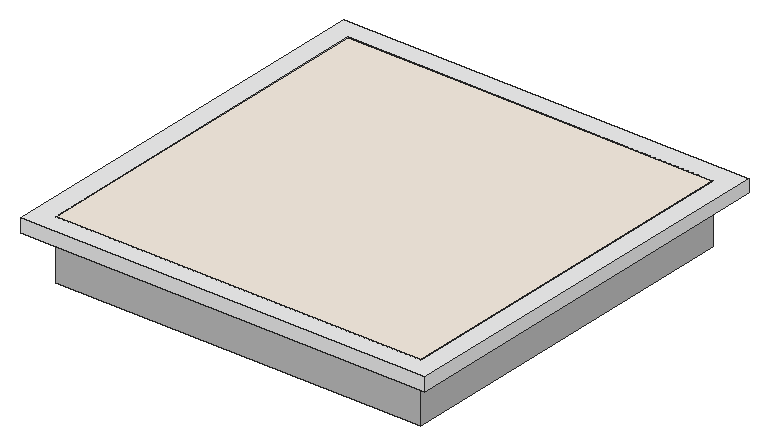
Revit family "Lighting-CommercialSector-GEWISS-ELIA-PL-LED_FLUSH_MOUNTING", category Apparecchi per illuminazione, host Superficie, Revit 2019
Family settings
  Host = Superficie
  Quota connettore circolare = Usa diametro
  Tipo di parte = Normale
  Taglio con vuoti quando caricato = No
  Sorgente d'illuminazione = Sì
  Condiviso = No
  Punto di calcolo locali = Sì
Parameters (values of type "GWF1611NN940 - ELIA PL M3 MICROP.40K DALI CRI90")
  corpo centrale = corpo centrale
  Working temperature = "-20° +45°"
  Weight (kg): = "2,6"
  Weight (kg) = "2,6"
  Wattage = 9.2903 W
  Warranty = "5 years"
  Voltage = "220-240 V "
  Visibilità etichetta [instance] = yes
  Visibilità simbolo [instance] = yes
  Visibilità lampada in pianta [instance] = yes
  Version file RFA = "20.0"
  Variazione temperatura colore lampada con luminosità attenuata = <Nessuno>
  URL = "https://www.gewiss.com/ww/en"
  UGR: = "UGR<19"
  Typology = "Modular flush mounting"
  Type of light source = "LED - Not replaceable"
  Type of lamp = "LED"
  built-in parameter 1150107 = 3200 (stored number, unit not read)
  Technical sheet = "https://www.gewiss.com/ww/en/search?q=GWF1611NN940"
  System power = "33W"
  Spostamento_x_effettivo [instance] = 4000 mm - Spostamento_x  # 4000 mm
  Spostamento_x [instance] = 0 mm
  Spostamento_y_effettivo [instance] = 4000 mm - Spostamento_y  # 3300 mm
  Spostamento_y [instance] = 700 mm
  Shock resistance = "IK03"
  SEO = "LED modular flush mounting"
  SCHERMO LED = SCHERMO LED
  Realized by GEWISS S.p.A. = ""
  built-in parameter 1150110 = 1 (stored number, unit not read)
  built-in parameter 1150109 = 1 (stored number, unit not read)
  built-in parameter 1114218 = 1 (stored number, unit not read)
  built-in parameter 1150112 = 1 (stored number, unit not read)
  POSIZIONE = 80000  # constant formula
  Optic = "Microprismatic"
  Operating temperature: = "-20° +45°"
  built-in parameter 1150137 = (empty or 0)
  built-in parameter 1150132 = (empty or 0)
  Luminous flux in emerg. [lm] = ""
  Lumen output (lm) = "3300"
  Larghezza lampada = 620 mm
  Lunghezza lampada = 620 mm
  Lamp = "LED"
  LED Life time (L80B50) = "L80 B50 (Tq25°) = 50.000h"
  built-in parameter 1150105 = 109.82 (stored number, unit not read)
  built-in parameter 1150102 = (empty or 0)
  Insulation class = "II"
  Installation = "Modular flush mounting"
  built-in parameter 1150106 = 1.0982 (stored number, unit not read)
  Default Elevation = 1219.2 mm
  Produttore = "GEWISS S.p.A."
  Nome quadro [instance] = "330W"
  Modello = "GWF1611NN940"
  L_lampada = 1500 mm
  Immagine tipo = ELIA_PL_q.jpg
  IP degree = "IP20 - IP40"
  IDT = "4c6a4f10-3f0b-4303-adcc-d543444cbb8d"
  IDF = "6f387c7b-be92-4833-a933-611e67cbe188"
  Lumens = 1380 lm
  Color Filter = 16777215
  File diagramma fotometrico = "GWF1611NN940.IES"
  built-in parameter 1114217 = 1 (stored number, unit not read)
  built-in parameter 1150139 = (empty or 0)
  FORO_CONTROSOFFITTO = 80 mm  # constant formula
  Emit from Line Length = 609.6 mm
  Electrocod = ""
  Efficiency class of integrated LEDs = ""
  built-in parameter 1150104 = 13.8 (stored number, unit not read)
  EAN code = ""
  Driver type = ""
  Distanza dal host [instance] = 0 mm
  built-in parameter 1150115 = 1 (stored number, unit not read)
  built-in parameter 1150114 = 1 (stored number, unit not read)
  built-in parameter 1150113 = 1 (stored number, unit not read)
  Dimensions (mm) = "62x62"
  Descrizione = "ELIA PL M3 MICROP.40K DALI CRI90"
  Colour temperature: = "4000K"
  Colour temperature = "4000K"
  Colour = "White"
  built-in parameter 1150134 = 3
  built-in parameter 1150138 = (empty or 0)
  Catalogue Range = "ELIA PL"
  Catalogue = "LIGHTING"
  COBie.Tagnumber = ""
  COBie.CreatedOn = ""
  COBie.CreatebBy = ""
  COBie.ComponentRegisterItemID = ""
  COBie.Component.TagNumber = ""
  COBie.Component.Space = ""
  COBie.Component.SerialNumber = ""
  COBie.Component.InstallationDate = ""
  COBie.Component.Description = ""
  COBie.Component.BarCode = ""
  BORDO = BORDO
  Application = "Indoor"
  Tilt Angle = -90.00°
  built-in parameter 1150133 = 10 (stored number, unit not read)
Types (48, lengths in mm): name | Weight (kg): | Weight (kg) | UGR: | Technical sheet | Optic | Lumen output (lm) | Larghezza lampada | Lunghezza lampada | Modello | Immagine tipo | IDT | File diagramma fotometrico | Dimensions (mm) | Descrizione | Colour temperature: | Colour temperature
  GWF1611LN830 - ELIA PL M1 MICROP.30K DALI CRI80 | "2,4" | "2,4" | "UGR<19" | "https://www.gewiss.com/ww/en/search?q=GWF1611LN830" | "Microprismatic" | "3300" | 300 | 1200 | "GWF1611LN830" | ELIA_PL_r.jpg | "72f4d622-981e-4ae0-88c5-de9fbfefd2f9" | "GWF1611LN830.IES" | "30x120" | "ELIA PL M1 MICROP.30K DALI CRI80" | "3000K" | "3000K"
  GWF1611LN930 - ELIA PL M1 MICROP.30K DALI CRI90 | "2,4" | "2,4" | "UGR<19" | "https://www.gewiss.com/ww/en/search?q=GWF1611LN930" | "Microprismatic" | "3000" | 300 | 1200 | "GWF1611LN930" | ELIA_PL_r.jpg | "b54e74e5-4979-4faa-a3b6-9c298bf6cffa" | "GWF1611LN930.IES" | "30x120" | "ELIA PL M1 MICROP.30K DALI CRI90" | "3000K" | "3000K"
  GWF1610LN830 - ELIA PL M1 MICROP.30K ON/OFF CRI80 | "2,4" | "2,4" | "UGR<19" | "https://www.gewiss.com/ww/en/search?q=GWF1610LN830" | "Microprismatic" | "3300" | 300 | 1200 | "GWF1610LN830" | ELIA_PL_r.jpg | "239ca7b0-603f-4688-94ad-8681d91ede28" | "GWF1610LN830.IES" | "30x120" | "ELIA PL M1 MICROP.30K ON/OFF CRI80" | "3000K" | "3000K"
  GWF1610LN930 - ELIA PL M1 MICROP.30K ON/OFF CRI90 | "2,4" | "2,4" | "UGR<19" | "https://www.gewiss.com/ww/en/search?q=GWF1610LN930" | "Microprismatic" | "3000" | 300 | 1200 | "GWF1610LN930" | ELIA_PL_r.jpg | "1c95a2c5-173e-4975-ad23-1c8ec5243fb5" | "GWF1610LN930.IES" | "30x120" | "ELIA PL M1 MICROP.30K ON/OFF CRI90" | "3000K" | "3000K"
  GWF1611LN840 - ELIA PL M1 MICROP.40K DALI CRI80 | "2,4" | "2,4" | "UGR<19" | "https://www.gewiss.com/ww/en/search?q=GWF1611LN840" | "Microprismatic" | "3600" | 300 | 1200 | "GWF1611LN840" | ELIA_PL_r.jpg | "414879d6-0dc6-45a6-b4b9-da79a268bacd" | "GWF1611LN840.IES" | "30x120" | "ELIA PL M1 MICROP.40K DALI CRI80" | "4000K" | "4000K"
  GWF1611LN940 - ELIA PL M1 MICROP.40K DALI CRI90 | "2,4" | "2,4" | "UGR<19" | "https://www.gewiss.com/ww/en/search?q=GWF1611LN940" | "Microprismatic" | "3300" | 300 | 1200 | "GWF1611LN940" | ELIA_PL_r.jpg | "2e0798d3-7b3f-41c2-95eb-bf9ff87590b3" | "GWF1611LN940.IES" | "30x120" | "ELIA PL M1 MICROP.40K DALI CRI90" | "4000K" | "4000K"
  GWF1610LN840 - ELIA PL M1 MICROP.40K ON/OFF CRI80 | "2,4" | "2,4" | "UGR<19" | "https://www.gewiss.com/ww/en/search?q=GWF1610LN840" | "Microprismatic" | "3600" | 300 | 1200 | "GWF1610LN840" | ELIA_PL_r.jpg | "1e2c872c-402b-4521-a7c6-7245e5216dca" | "GWF1610LN840.IES" | "30x120" | "ELIA PL M1 MICROP.40K ON/OFF CRI80" | "4000K" | "4000K"
  GWF1610LN940 - ELIA PL M1 MICROP.40K ON/OFF CRI90 | "2,4" | "2,4" | "UGR<19" | "https://www.gewiss.com/ww/en/search?q=GWF1610LN940" | "Microprismatic" | "3300" | 300 | 1200 | "GWF1610LN940" | ELIA_PL_r.jpg | "baf633ec-d199-4836-acb8-01535f644f62" | "GWF1610LN940.IES" | "30x120" | "ELIA PL M1 MICROP.40K ON/OFF CRI90" | "4000K" | "4000K"
  GWF1611LA830 - ELIA PL M1 OPAL 30K DALI CRI80 | "2,4" | "2,4" | "UGR<22" | "https://www.gewiss.com/ww/en/search?q=GWF1611LA830" | "Diffusing opal" | "3700" | 300 | 1200 | "GWF1611LA830" | ELIA_PL_r.jpg | "4ad70d55-0be2-4fd8-b7ca-ca9dae02b802" | "GWF1611LA830.IES" | "30x120" | "ELIA PL M1 OPAL 30K DALI CRI80" | "3000K" | "3000K"
  GWF1611LA930 - ELIA PL M1 OPAL 30K DALI CRI90 | "2,4" | "2,4" | "UGR<22" | "https://www.gewiss.com/ww/en/search?q=GWF1611LA930" | "Diffusing opal" | "3500" | 300 | 1200 | "GWF1611LA930" | ELIA_PL_r.jpg | "e51a4e74-16fc-4510-8e63-cb1554f2a9e1" | "GWF1611LA930.IES" | "30x120" | "ELIA PL M1 OPAL 30K DALI CRI90" | "3000K" | "3000K"
  GWF1610LA830 - ELIA PL M1 OPAL 30K ON/OFF CRI80 | "2,4" | "2,4" | "UGR<22" | "https://www.gewiss.com/ww/en/search?q=GWF1610LA830" | "Diffusing opal" | "3700" | 300 | 1200 | "GWF1610LA830" | ELIA_PL_r.jpg | "93844e9d-7361-48ab-9020-5a4103f2c4d9" | "GWF1610LA830.IES" | "30x120" | "ELIA PL M1 OPAL 30K ON/OFF CRI80" | "3000K" | "3000K"
  GWF1610LA930 - ELIA PL M1 OPAL 30K ON/OFF CRI90 | "2,4" | "2,4" | "UGR<22" | "https://www.gewiss.com/ww/en/search?q=GWF1610LA930" | "Diffusing opal" | "3500" | 300 | 1200 | "GWF1610LA930" | ELIA_PL_r.jpg | "d9c1a0fb-2941-493d-b902-7216f29dd99e" | "GWF1610LA930.IES" | "30x120" | "ELIA PL M1 OPAL 30K ON/OFF CRI90" | "3000K" | "3000K"
  GWF1611LA840 - ELIA PL M1 OPAL 40K DALI CRI80 | "2,4" | "2,4" | "UGR<22" | "https://www.gewiss.com/ww/en/search?q=GWF1611LA840" | "Diffusing opal" | "3900" | 300 | 1200 | "GWF1611LA840" | ELIA_PL_r.jpg | "b505003b-30bf-4abe-bc16-d34724f793d9" | "GWF1611LA840.IES" | "30x120" | "ELIA PL M1 OPAL 40K DALI CRI80" | "4000K" | "4000K"
  GWF1611LA940 - ELIA PL M1 OPAL 40K DALI CRI90 | "2,4" | "2,4" | "UGR<22" | "https://www.gewiss.com/ww/en/search?q=GWF1611LA940" | "Diffusing opal" | "3700" | 300 | 1200 | "GWF1611LA940" | ELIA_PL_r.jpg | "bd5ba0be-baad-4d03-a326-da1e8e31ecf8" | "GWF1611LA940.IES" | "30x120" | "ELIA PL M1 OPAL 40K DALI CRI90" | "4000K" | "4000K"
  GWF1610LA840 - ELIA PL M1 OPAL 40K ON/OFF CRI80 | "2,4" | "2,4" | "UGR<22" | "https://www.gewiss.com/ww/en/search?q=GWF1610LA840" | "Diffusing opal" | "3900" | 300 | 1200 | "GWF1610LA840" | ELIA_PL_r.jpg | "1862d7c5-ebea-42a6-9366-bfffa14f0432" | "GWF1610LA840.IES" | "30x120" | "ELIA PL M1 OPAL 40K ON/OFF CRI80" | "4000K" | "4000K"
  GWF1610LA940 - ELIA PL M1 OPAL 40K ON/OFF CRI90 | "2,4" | "2,4" | "UGR<22" | "https://www.gewiss.com/ww/en/search?q=GWF1610LA940" | "Diffusing opal" | "3700" | 300 | 1200 | "GWF1610LA940" | ELIA_PL_r.jpg | "5bad5249-5187-4a35-ac2a-e2be86f79325" | "GWF1610LA940.IES" | "30x120" | "ELIA PL M1 OPAL 40K ON/OFF CRI90" | "4000K" | "4000K"
  GWF1611MN830 - ELIA PL M2 MICROP.30K DALI CRI80 | "2,4" | "2,4" | "UGR<19" | "https://www.gewiss.com/ww/en/search?q=GWF1611MN830" | "Microprismatic" | "3300" | 595 | 595 | "GWF1611MN830" | ELIA_PL_q.jpg | "29422a00-ea95-4e48-9cbf-6c19c1753368" | "GWF1611MN830.IES" | "60x60" | "ELIA PL M2 MICROP.30K DALI CRI80" | "3000K" | "3000K"
  GWF1611MN930 - ELIA PL M2 MICROP.30K DALI CRI90 | "2,4" | "2,4" | "UGR<19" | "https://www.gewiss.com/ww/en/search?q=GWF1611MN930" | "Microprismatic" | "3000" | 595 | 595 | "GWF1611MN930" | ELIA_PL_q.jpg | "8e3fa227-acc7-480c-879b-7400b2442bef" | "GWF1611MN930.IES" | "60x60" | "ELIA PL M2 MICROP.30K DALI CRI90" | "3000K" | "3000K"
  GWF1610MN830 - ELIA PL M2 MICROP.30K ON/OFF CRI80 | "2,4" | "2,4" | "UGR<19" | "https://www.gewiss.com/ww/en/search?q=GWF1610MN830" | "Microprismatic" | "3300" | 595 | 595 | "GWF1610MN830" | ELIA_PL_q.jpg | "373a32ed-ca14-4b80-8334-d80a2d86ae7f" | "GWF1610MN830.IES" | "60x60" | "ELIA PL M2 MICROP.30K ON/OFF CRI80" | "3000K" | "3000K"
  GWF1610MN930 - ELIA PL M2 MICROP.30K ON/OFF CRI90 | "2,4" | "2,4" | "UGR<19" | "https://www.gewiss.com/ww/en/search?q=GWF1610MN930" | "Microprismatic" | "3000" | 595 | 595 | "GWF1610MN930" | ELIA_PL_q.jpg | "eb99a13a-b418-4e6d-b133-7066e25f8cd8" | "GWF1610MN930.IES" | "60x60" | "ELIA PL M2 MICROP.30K ON/OFF CRI90" | "3000K" | "3000K"
  GWF1611MN840 - ELIA PL M2 MICROP.40K DALI CRI80 | "2,4" | "2,4" | "UGR<19" | "https://www.gewiss.com/ww/en/search?q=GWF1611MN840" | "Microprismatic" | "3600" | 595 | 595 | "GWF1611MN840" | ELIA_PL_q.jpg | "33e10070-ff3e-43ae-8ed2-ea2ef82bf21b" | "GWF1611MN840.IES" | "60x60" | "ELIA PL M2 MICROP.40K DALI CRI80" | "4000K" | "4000K"
  GWF1611MN940 - ELIA PL M2 MICROP.40K DALI CRI90 | "2,4" | "2,4" | "UGR<19" | "https://www.gewiss.com/ww/en/search?q=GWF1611MN940" | "Microprismatic" | "3300" | 595 | 595 | "GWF1611MN940" | ELIA_PL_q.jpg | "c4282719-94c9-4945-81b5-5dc029ffe762" | "GWF1611MN940.IES" | "60x60" | "ELIA PL M2 MICROP.40K DALI CRI90" | "4000K" | "4000K"
  GWF1610MN840 - ELIA PL M2 MICROP.40K ON/OFF CRI80 | "2,4" | "2,4" | "UGR<19" | "https://www.gewiss.com/ww/en/search?q=GWF1610MN840" | "Microprismatic" | "3600" | 595 | 595 | "GWF1610MN840" | ELIA_PL_q.jpg | "304969b9-e344-4408-b80f-27013b0ff480" | "GWF1610MN840.IES" | "60x60" | "ELIA PL M2 MICROP.40K ON/OFF CRI80" | "4000K" | "4000K"
  GWF1610MN940 - ELIA PL M2 MICROP.40K ON/OFF CRI90 | "2,4" | "2,4" | "UGR<19" | "https://www.gewiss.com/ww/en/search?q=GWF1610MN940" | "Microprismatic" | "3300" | 595 | 595 | "GWF1610MN940" | ELIA_PL_q.jpg | "48061c24-8761-4d9e-a68d-76bfc5d48871" | "GWF1610MN940.IES" | "60x60" | "ELIA PL M2 MICROP.40K ON/OFF CRI90" | "4000K" | "4000K"
  GWF1611MA830 - ELIA PL M2 OPAL 30K DALI CRI80 | "2,4" | "2,4" | "UGR<22" | "https://www.gewiss.com/ww/en/search?q=GWF1611MA830" | "Diffusing opal" | "3700" | 595 | 595 | "GWF1611MA830" | ELIA_PL_q.jpg | "0c5c66cf-1c39-4096-be7c-629be3418d8e" | "GWF1611MA830.IES" | "60x60" | "ELIA PL M2 OPAL 30K DALI CRI80" | "3000K" | "3000K"
  GWF1611MA930 - ELIA PL M2 OPAL 30K DALI CRI90 | "2,4" | "2,4" | "UGR<22" | "https://www.gewiss.com/ww/en/search?q=GWF1611MA930" | "Diffusing opal" | "3500" | 595 | 595 | "GWF1611MA930" | ELIA_PL_q.jpg | "f6471e64-8b34-4daf-b789-72f04abd1c83" | "GWF1611MA930.IES" | "60x60" | "ELIA PL M2 OPAL 30K DALI CRI90" | "3000K" | "3000K"
  GWF1610MA830 - ELIA PL M2 OPAL 30K ON/OFF CRI80 | "2,4" | "2,4" | "UGR<22" | "https://www.gewiss.com/ww/en/search?q=GWF1610MA830" | "Diffusing opal" | "3700" | 595 | 595 | "GWF1610MA830" | ELIA_PL_q.jpg | "b2132027-b4b1-423d-9ecb-a7caea165830" | "GWF1610MA830.IES" | "60x60" | "ELIA PL M2 OPAL 30K ON/OFF CRI80" | "3000K" | "3000K"
  GWF1610MA930 - ELIA PL M2 OPAL 30K ON/OFF CRI90 | "2,4" | "2,4" | "UGR<22" | "https://www.gewiss.com/ww/en/search?q=GWF1610MA930" | "Diffusing opal" | "3500" | 595 | 595 | "GWF1610MA930" | ELIA_PL_q.jpg | "a431a7ae-3c86-40cb-b37e-4ddfee569faf" | "GWF1610MA930.IES" | "60x60" | "ELIA PL M2 OPAL 30K ON/OFF CRI90" | "3000K" | "3000K"
  GWF1611MA840 - ELIA PL M2 OPAL 40K DALI CRI80 | "2,4" | "2,4" | "UGR<22" | "https://www.gewiss.com/ww/en/search?q=GWF1611MA840" | "Diffusing opal" | "3900" | 595 | 595 | "GWF1611MA840" | ELIA_PL_q.jpg | "2c500c10-09f1-4675-bd35-e6c85fcca262" | "GWF1611MA840.IES" | "60x60" | "ELIA PL M2 OPAL 40K DALI CRI80" | "4000K" | "4000K"
  GWF1611MA940 - ELIA PL M2 OPAL 40K DALI CRI90 | "2,4" | "2,4" | "UGR<22" | "https://www.gewiss.com/ww/en/search?q=GWF1611MA940" | "Diffusing opal" | "3700" | 595 | 595 | "GWF1611MA940" | ELIA_PL_q.jpg | "6d9e56b5-60ce-4c2a-9945-a7c7a4c06405" | "GWF1611MA940.IES" | "60x60" | "ELIA PL M2 OPAL 40K DALI CRI90" | "4000K" | "4000K"
  GWF1610MA840 - ELIA PL M2 OPAL 40K ON/OFF CRI80 | "2,4" | "2,4" | "UGR<22" | "https://www.gewiss.com/ww/en/search?q=GWF1610MA840" | "Diffusing opal" | "3900" | 595 | 595 | "GWF1610MA840" | ELIA_PL_q.jpg | "e7eb32b0-b570-4310-9d56-3c2f33de6847" | "GWF1610MA840.IES" | "60x60" | "ELIA PL M2 OPAL 40K ON/OFF CRI80" | "4000K" | "4000K"
  GWF1610MA940 - ELIA PL M2 OPAL 40K ON/OFF CRI90 | "2,4" | "2,4" | "UGR<22" | "https://www.gewiss.com/ww/en/search?q=GWF1610MA940" | "Diffusing opal" | "3700" | 595 | 595 | "GWF1610MA940" | ELIA_PL_q.jpg | "de7c1e84-9403-4741-a9bc-92560b0f54f1" | "GWF1610MA940.IES" | "60x60" | "ELIA PL M2 OPAL 40K ON/OFF CRI90" | "4000K" | "4000K"
  GWF1611NN830 - ELIA PL M3 MICROP.30K DALI CRI80 | "2,6" | "2,6" | "UGR<19" | "https://www.gewiss.com/ww/en/search?q=GWF1611NN830" | "Microprismatic" | "3300" | 620 | 620 | "GWF1611NN830" | ELIA_PL_q.jpg | "76368688-5856-476a-92fc-f771424461fc" | "GWF1611NN830.IES" | "62x62" | "ELIA PL M3 MICROP.30K DALI CRI80" | "3000K" | "3000K"
  GWF1611NN930 - ELIA PL M3 MICROP.30K DALI CRI90 | "2,6" | "2,6" | "UGR<19" | "https://www.gewiss.com/ww/en/search?q=GWF1611NN930" | "Microprismatic" | "3000" | 620 | 620 | "GWF1611NN930" | ELIA_PL_q.jpg | "33bfe313-523a-41dd-862c-179d3670d387" | "GWF1611NN930.IES" | "62x62" | "ELIA PL M3 MICROP.30K DALI CRI90" | "3000K" | "3000K"
  GWF1610NN830 - ELIA PL M3 MICROP.30K ON/OFF CRI80 | "2,6" | "2,6" | "UGR<19" | "https://www.gewiss.com/ww/en/search?q=GWF1610NN830" | "Microprismatic" | "3300" | 620 | 620 | "GWF1610NN830" | ELIA_PL_q.jpg | "86a05f65-31a8-4dde-bb9e-172dc8ff2bd3" | "GWF1610NN830.IES" | "62x62" | "ELIA PL M3 MICROP.30K ON/OFF CRI80" | "3000K" | "3000K"
  GWF1610NN930 - ELIA PL M3 MICROP.30K ON/OFF CRI90 | "2,6" | "2,6" | "UGR<19" | "https://www.gewiss.com/ww/en/search?q=GWF1610NN930" | "Microprismatic" | "3000" | 620 | 620 | "GWF1610NN930" | ELIA_PL_q.jpg | "a5707610-e8b3-4c17-be2b-9db312c1f995" | "GWF1610NN930.IES" | "62x62" | "ELIA PL M3 MICROP.30K ON/OFF CRI90" | "3000K" | "3000K"
  GWF1611NN840 - ELIA PL M3 MICROP.40K DALI CRI80 | "2,6" | "2,6" | "UGR<19" | "https://www.gewiss.com/ww/en/search?q=GWF1611NN840" | "Microprismatic" | "3600" | 620 | 620 | "GWF1611NN840" | ELIA_PL_q.jpg | "9a027a83-1a6e-4927-88b4-568cd87b3771" | "GWF1611NN840.IES" | "62x62" | "ELIA PL M3 MICROP.40K DALI CRI80" | "4000K" | "4000K"
  GWF1611NN940 - ELIA PL M3 MICROP.40K DALI CRI90 | "2,6" | "2,6" | "UGR<19" | "https://www.gewiss.com/ww/en/search?q=GWF1611NN940" | "Microprismatic" | "3300" | 620 | 620 | "GWF1611NN940" | ELIA_PL_q.jpg | "4c6a4f10-3f0b-4303-adcc-d543444cbb8d" | "GWF1611NN940.IES" | "62x62" | "ELIA PL M3 MICROP.40K DALI CRI90" | "4000K" | "4000K"
  GWF1610NN840 - ELIA PL M3 MICROP.40K ON/OFF CRI80 | "2,6" | "2,6" | "UGR<19" | "https://www.gewiss.com/ww/en/search?q=GWF1610NN840" | "Microprismatic" | "3600" | 620 | 620 | "GWF1610NN840" | ELIA_PL_q.jpg | "f0d83fc6-37d6-464d-b488-08387b08e137" | "GWF1610NN840.IES" | "62x62" | "ELIA PL M3 MICROP.40K ON/OFF CRI80" | "4000K" | "4000K"
  GWF1610NN940 - ELIA PL M3 MICROP.40K ON/OFF CRI90 | "2,6" | "2,6" | "UGR<19" | "https://www.gewiss.com/ww/en/search?q=GWF1610NN940" | "Microprismatic" | "3300" | 620 | 620 | "GWF1610NN940" | ELIA_PL_q.jpg | "4586a2ad-c6e5-4fe2-9873-58c92d4889d3" | "GWF1610NN940.IES" | "62x62" | "ELIA PL M3 MICROP.40K ON/OFF CRI90" | "4000K" | "4000K"
  GWF1611NA830 - ELIA PL M3 OPAL 30K DALI CRI80 | "2,6" | "2,6" | "UGR<22" | "https://www.gewiss.com/ww/en/search?q=GWF1611NA830" | "Diffusing opal" | "3700" | 620 | 620 | "GWF1611NA830" | ELIA_PL_q.jpg | "b16aec0e-f6e6-4c77-897c-bb40db5f34a1" | "GWF1611NA830.IES" | "62x62" | "ELIA PL M3 OPAL 30K DALI CRI80" | "3000K" | "3000K"
  GWF1611NA930 - ELIA PL M3 OPAL 30K DALI CRI90 | "2,6" | "2,6" | "UGR<22" | "https://www.gewiss.com/ww/en/search?q=GWF1611NA930" | "Diffusing opal" | "3500" | 620 | 620 | "GWF1611NA930" | ELIA_PL_q.jpg | "ed00aff2-944a-4a55-bfaf-1efd7fd60006" | "GWF1611NA930.IES" | "62x62" | "ELIA PL M3 OPAL 30K DALI CRI90" | "3000K" | "3000K"
  GWF1610NA830 - ELIA PL M3 OPAL 30K ON/OFF CRI80 | "2,6" | "2,6" | "UGR<22" | "https://www.gewiss.com/ww/en/search?q=GWF1610NA830" | "Diffusing opal" | "3700" | 620 | 620 | "GWF1610NA830" | ELIA_PL_q.jpg | "4a25b14f-6080-427f-996c-f431e0b43214" | "GWF1610NA830.IES" | "62x62" | "ELIA PL M3 OPAL 30K ON/OFF CRI80" | "3000K" | "3000K"
  GWF1610NA930 - ELIA PL M3 OPAL 30K ON/OFF CRI90 | "2,6" | "2,6" | "UGR<22" | "https://www.gewiss.com/ww/en/search?q=GWF1610NA930" | "Diffusing opal" | "3500" | 620 | 620 | "GWF1610NA930" | ELIA_PL_q.jpg | "fbf1d06a-4622-4ac4-926d-4b5ae89b6356" | "GWF1610NA930.IES" | "62x62" | "ELIA PL M3 OPAL 30K ON/OFF CRI90" | "3000K" | "3000K"
  GWF1611NA840 - ELIA PL M3 OPAL 40K DALI CRI80 | "2,6" | "2,6" | "UGR<22" | "https://www.gewiss.com/ww/en/search?q=GWF1611NA840" | "Diffusing opal" | "3900" | 620 | 620 | "GWF1611NA840" | ELIA_PL_q.jpg | "ed6d264c-9c88-43ee-b20c-15e85c197240" | "GWF1611NA840.IES" | "62x62" | "ELIA PL M3 OPAL 40K DALI CRI80" | "4000K" | "4000K"
  GWF1611NA940 - ELIA PL M3 OPAL 40K DALI CRI90 | "2,6" | "2,6" | "UGR<22" | "https://www.gewiss.com/ww/en/search?q=GWF1611NA940" | "Diffusing opal" | "3700" | 620 | 620 | "GWF1611NA940" | ELIA_PL_q.jpg | "64b22bf4-2d1b-4230-a78f-b198f8cd51d9" | "GWF1611NA940.IES" | "62x62" | "ELIA PL M3 OPAL 40K DALI CRI90" | "4000K" | "4000K"
  GWF1610NA840 - ELIA PL M3 OPAL 40K ON/OFF CRI80 | "2,6" | "2,6" | "UGR<22" | "https://www.gewiss.com/ww/en/search?q=GWF1610NA840" | "Diffusing opal" | "3900" | 620 | 620 | "GWF1610NA840" | ELIA_PL_q.jpg | "55fae590-87b0-49d6-9be5-2232071cd261" | "GWF1610NA840.IES" | "62x62" | "ELIA PL M3 OPAL 40K ON/OFF CRI80" | "4000K" | "4000K"
  GWF1610NA940 - ELIA PL M3 OPAL 40K ON/OFF CRI90 | "2,6" | "2,6" | "UGR<22" | "https://www.gewiss.com/ww/en/search?q=GWF1610NA940" | "Diffusing opal" | "3700" | 620 | 620 | "GWF1610NA940" | ELIA_PL_q.jpg | "e57ce36d-8748-4b72-b1c7-6af6fb021313" | "GWF1610NA940.IES" | "62x62" | "ELIA PL M3 OPAL 40K ON/OFF CRI90" | "4000K" | "4000K"
Reference planes
  plane 1 "Centro (Fronte/Retro)": y = 0
  plane 2: z = 0
  plane 3 "Centro (Sinistra/Destra)": x = 0
  plane 4: x = -4000
  plane 5: x = 0
  plane 6: x = 0
  plane 7: z = 1200
  plane 8: y = -4000
  plane 9: y = -700
  plane 10: x = -310
  plane 11: y = -310
  plane 12: x = 310
  plane 13: y = 310
  plane 14: z = -80
  plane 15: through (484.286, -410.182, 1219.2) normal (-0.5299, -0.848, 0)
  plane 16: through (-523.043, -410.182, 1219.2) normal (-0.866, 0.5, 0)
  plane 17: through (-493.043, 567.147, 1219.2) normal (0.309, 0.9511, 0)
  plane 18: through (454.286, 567.147, 1219.2) normal (0.9848, -0.1736, 0)
  plane 19: y = -247.252
  plane 20: y = -305.509
  plane 21: y = -363.766
Forms (mm)
  Extrusion 1, void
    sketch origin (0, 0, 0) x (1, 0, 0) y (0, 1, 0)
      loop
        line (-310, 310) -> (-310, -310) -> (310, -310) -> (310, 310) -> (-310, 310)
    from -80 to 0
Text (mm)
  text "N=C*V" at (704.329, 1512.981, 0), in view "Livello rif."
Dimensions and locks
  plane 4 to plane 3 "Centro (Sinistra/Destra)" = 4000 mm  (x2)
  "Spostamento_x_effettivo": plane 4 to plane 5
  "Spostamento_x_effettivo": plane 6 to plane 4
  plane 7 to plane 2 = 1200 mm
  "Spostamento_y_effettivo": plane 9 to plane 8
  plane 1 "Centro (Fronte/Retro)" to plane 8 = 4000 mm
  equal spacing: plane 10, plane 3 "Centro (Sinistra/Destra)", plane 12
  equal spacing: plane 13, plane 1 "Centro (Fronte/Retro)", plane 11
  "FORO_CONTROSOFFITTO": level to plane 14
  "Larghezza lampada": plane 10 to plane 12
  "Lunghezza lampada": plane 13 to plane 11
  equal spacing: plane 19, plane 20, plane 21
  nested 4 to plane 13 = 250.182 mm
  angle plane 15 to plane 17 = 14.00°
  angle plane 16 to plane 17 = 102.00°
  angle plane 17 to nested 3 = 18.00°
  angle plane 18 to plane 15 = 68.00°  (x2)
  aligned and locked: plane 2 to host face
  aligned and locked: level to host face
  aligned and locked: nested 2 to plane 1 "Centro (Fronte/Retro)"
  aligned and locked: Extrusion 1 sketch curve to plane 10
  aligned and locked: Extrusion 1 sketch curve to plane 13
  aligned and locked: Extrusion 1 sketch curve to plane 12
  aligned and locked: Extrusion 1 sketch curve to plane 11
  aligned and locked: level to Extrusion 1
  aligned and locked: Extrusion 1 to plane 14
  aligned and locked: plane 3 "Centro (Sinistra/Destra)" to nested 3
  aligned and locked: plane 6 to nested 1
  aligned and locked: nested 3 to plane 1 "Centro (Fronte/Retro)"
  aligned and locked: nested 1 to plane 9
  aligned and locked: plane 6 to nested 4
Automatic sketch dimensions
  host sketch curve to host sketch curve = 2438.4 mm  (x2)
Nested families
  nested 1: "Etichetta light" at (0, -700, 0), visible <- "Visibilità etichetta", type "Etichetta light"
  nested 2: "SIMB_2D" at (0, 0, 110.443) x (0, 0, 1) z (1, 0, 0), visible <- "Visibilità simbolo", type "SIMB_2D"
  nested 3: "Elia WL base" at (0, 0, 0) x (1, 0, 0) z (0, 0, -1), visible <- "Visibilità lampada in pianta", type "Elia PL base"
    with Lunghezza 620 mm, Larghezza 620 mm
  nested 4: "SIMB_2D" at (0, 760.791, 0), visible <- "Visibilità simbolo", type "SIMB_2D"
Definition of nested family "Elia WL base"
  Parameters (values of type "Elia PL base")
    sp_bordo = 9 mm  # constant formula
    posiz_3 = 2  # constant formula
    posiz2 = 1  # constant formula
    posiz = "A=b"
    diametro lampada = 45 mm
    SCHERMO LED = none
    Default Elevation = 1219.2 mm
    Lunghezza = 968.572 mm
    Larghezza = 820.364 mm
    L_lampada = 1500 mm
    H_SCOCCA = 70.705 mm
    Corpo centrale = none
    Bordo = 30 mm
    BORDO = none
  Reference planes
    plane 1 "Centro (Fronte/Retro)": y = 0
    plane 2: z = 0
    plane 3 "Centro (Sinistra/Destra)": x = 0
    plane 4: z = 9
    plane 5: x = -484.286
    plane 6: y = -410.182
    plane 7: x = 484.286
    plane 8: y = 410.182
    plane 9: x = -454.286
    plane 10: y = 380.182
    plane 11: x = 454.286
    plane 12: y = -380.182
    plane 13: z = 90.705
    plane 14: through (-401.838, -155.306, 1200) normal (0.766, 0.6428, 0)
    plane 15: through (447.234, 447.234, 1200) normal (-0.7071, -0.7071, 0)
  Forms (mm)
    Extrusion 1, solid, material <- "BORDO"
      sketch origin (0, 0, 0) x (1, 0, 0) y (0, 1, 0)
        loop
          line (-484.286, 410.182) -> (-484.286, -410.182) -> (484.286, -410.182) -> (484.286, 410.182) -> (-484.286, 410.182)
        loop
          line (-454.286, 380.182) -> (-454.286, -380.182) -> (454.286, -380.182) -> (454.286, 380.182) -> (-454.286, 380.182)
      from 0 to 20
    Extrusion 2, solid, material <- "Corpo centrale"
      sketch origin (0, 0, 0) x (1, 0, 0) y (0, 1, 0)
        loop
          line (-454.286, 380.182) -> (-454.286, -380.182) -> (454.286, -380.182) -> (454.286, 380.182) -> (-454.286, 380.182)
      from 20 to 90.705
    Extrusion 3, solid, material <- "SCHERMO LED"
      sketch origin (0, 0, 0) x (1, 0, 0) y (0, 1, 0)
        loop
          line (-454.286, 380.182) -> (-454.286, -380.182) -> (454.286, -380.182) -> (454.286, 380.182) -> (-454.286, 380.182)
      from 0 to 9
  Text (mm)
    text "A=B*C" at (-489.712, -178.321, 0), in view "Livello rif."
    text "A=B*C" at (-129.701, -394.637, 0), in view "Livello rif."
  Dimensions and locks
    equal spacing: plane 5, plane 3 "Centro (Sinistra/Destra)", plane 7
    equal spacing: plane 8, plane 1 "Centro (Fronte/Retro)", plane 6
    "Bordo": plane 12 to plane 6
    "Bordo": plane 11 to plane 7
    "Bordo": plane 8 to plane 10
    "Bordo": plane 5 to plane 9
    "Lunghezza": plane 5 to plane 7
    "Larghezza": plane 8 to plane 6
    "sp_bordo": plane 4 to plane 2
    "H_SCOCCA": plane 13 to Extrusion 1
    plane 13 to plane 4 = 81.705 mm
    angle plane 7 to plane 15 = 45.00°
    angle plane 15 to plane 8 = 45.00°
    angle plane 14 to plane 12 = 50.00°
    angle plane 3 "Centro (Sinistra/Destra)" to plane 14 = 40.00°
    aligned and locked: level to plane 2
    aligned and locked: Extrusion 1 sketch curve to plane 8
    aligned and locked: Extrusion 1 sketch curve to plane 5
    aligned and locked: Extrusion 1 sketch curve to plane 6
    aligned and locked: Extrusion 1 sketch curve to plane 7
    aligned and locked: Extrusion 1 sketch curve to plane 10
    aligned and locked: Extrusion 1 sketch curve to plane 9
    aligned and locked: Extrusion 1 sketch curve to plane 12
    aligned and locked: Extrusion 1 sketch curve to plane 11
    aligned and locked: Extrusion 2 sketch curve to plane 9
    aligned and locked: Extrusion 2 sketch curve to plane 12
    aligned and locked: Extrusion 2 sketch curve to plane 11
    aligned and locked: Extrusion 2 sketch curve to plane 10
    aligned and locked: Extrusion 2 to plane 13
    aligned and locked: Extrusion 2 to Extrusion 1
    aligned and locked: Extrusion 3 sketch curve to plane 9
    aligned and locked: Extrusion 3 sketch curve to plane 10
    aligned and locked: Extrusion 3 sketch curve to plane 12
    aligned and locked: Extrusion 3 sketch curve to plane 11
    aligned and locked: plane 4 to Extrusion 3
Definition of nested family "Etichetta light"
  Parameters (values of type "ETICHETTA LIGHT")
    COMMENTI = "330W"
  Reference planes
    plane 1: y = 0
    plane 2: x = 0
  Text (mm)
    label "COMMENTI" at (-0.057, 0.105, 0), shows "COMMENTI"
Definition of nested family "SIMB_2D"
  Reference planes
    plane 1 "Centro (Fronte/Retro)": y = 0
    plane 2: z = 0
    plane 3 "Centro (Sinistra/Destra)": x = 0
  Lines and regions (mm)
    model lines, in view "Livello rif."
      curve 1: line (40.061, -50.885, 0) -> (-61.536, -0.304, 0)
      curve 2: line (-61.536, -0.304, 0) -> (40.061, 50.885, 0)
      curve 3: line (40.061, 50.885, 0) -> (40.061, -50.885, 0)
      curve 4: line (-61.536, 50.581, 0) -> (-61.536, -51.189, 0)
      curve 5: line (-123.556, -0.304, 0) -> (-61.536, -0.304, 0)
      curve 6: line (40.061, 0, 0) -> (106.558, 0, 0)
      curve 7: line (189.411, 200, 0) -> (189.411, -200.609, 0)
      curve 8: line (189.411, -200.609, 0) -> (-211.197, -200.609, 0)
      curve 9: line (-211.197, -200.609, 0) -> (-211.197, 200, 0)
      curve 10: line (-211.197, 200, 0) -> (189.411, 200, 0)
      curve 11: line (-161.032, -0.304, 0) -> (-161.032, 149.835, 0)
      curve 12: line (-161.032, 149.835, 0) -> (139.246, 149.835, 0)
      curve 13: line (139.246, 149.835, 0) -> (139.246, -150.444, 0)
      curve 14: line (139.246, -150.444, 0) -> (-161.032, -150.444, 0)
      curve 15: line (-161.032, -150.444, 0) -> (-161.032, -0.304, 0)
